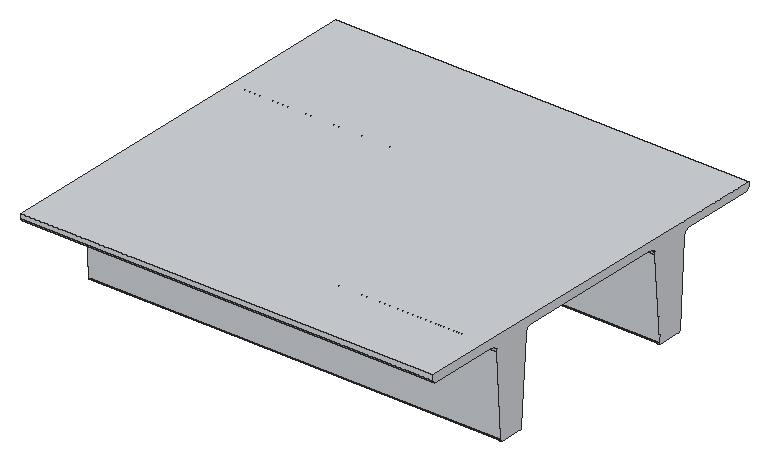
Revit family "TT 60_Precast-Rib deck_Spæncom", category Structural Framing, Revit 2014
Parameters
  Width TT plate [instance] = 2394 mm
  TT plate left (597mm) [instance] = 597 mm
  TT plate right (597mm) [instance] = 597 mm
  TT rib distance = 1200 mm  # constant formula
  Structural Material [instance] = none
  Plate thickness = 50 mm  # constant formula
  Model = "TT60"
  Manufacturer = "Spæncom"
  Length [instance] = 3000 mm
  Height TT = 590 mm  # constant formula
Reference planes
  plane 1 "Center (Front/Back)": y = 0
  plane 2 "Center Elevation": z = 0
  plane 3 "Center (Left/Right)": x = 0
  plane 4 "Left": x = -1500
  plane 5 "Member Left": x = -1250
  plane 6 "Stick Symbol Left": x = -1000
  plane 7 "Right": x = 1500
  plane 8 "Member Right": x = 1250
  plane 9 "Stick Symbol Right": x = 1000
  plane 10: y = 600
  plane 11: y = -600
  plane 12: through (0, 708.511, 502.661) normal (0, -0.9978, 0.0665)
  plane 13: through (0, 524.378, 9.335) normal (0, 0.9978, 0.0665)
  plane 14: through (0, -491.489, 502.661) normal (0, -0.9978, 0.0665)
  plane 15: through (0, -675.622, 9.335) normal (0, 0.9978, 0.0665)
Forms (mm)
  Extrusion 1, solid, material <- "Structural Material"
    sketch origin (-250, 0, 0) x (0, 1, 0) y (0, 0, 1)
      loop
        line (1197, 590) -> (-1197, 590) -> (-1197, 560) -> (-1177, 540) -> (-748.422, 540)
        arc (-748.422, 540) -> (-721.095, 529.21) -> (-708.511, 502.661) r 40
        line (-708.511, 502.661) -> (-675.622, 9.335)
        arc (-675.622, 9.335) -> (-672.476, 2.698) -> (-665.644, 0) r 10
        line (-665.644, 0) -> (-534.356, 0)
        arc (-534.356, 0) -> (-527.524, 2.698) -> (-524.378, 9.335) r 10
        line (-524.378, 9.335) -> (-491.489, 502.661)
        arc (-491.489, 502.661) -> (-478.905, 529.21) -> (-451.578, 540) r 40
        line (-451.578, 540) -> (451.578, 540)
        arc (451.578, 540) -> (478.905, 529.21) -> (491.489, 502.661) r 40
        line (491.489, 502.661) -> (524.378, 9.335)
        arc (524.378, 9.335) -> (527.524, 2.698) -> (534.356, 0) r 10
        line (534.356, 0) -> (665.644, 0)
        arc (665.644, 0) -> (672.476, 2.698) -> (675.622, 9.335) r 10
        line (675.622, 9.335) -> (708.511, 502.661)
        arc (708.511, 502.661) -> (721.095, 529.21) -> (748.422, 540) r 40
        line (748.422, 540) -> (1177, 540) -> (1197, 560) -> (1197, 590)
    from -1000 to 1500
Dimensions and locks
  equal spacing: plane 4 "Left", plane 3 "Center (Left/Right)", plane 7 "Right"
  "Length": plane 4 "Left" to plane 7 "Right"
  "Plate thickness": Extrusion 1 to Extrusion 1
  "Height TT": Extrusion 1 to Extrusion 1
  Extrusion 1 to plane 10 = 597 mm
  plane 11 to Extrusion 1 = 597 mm
  "Width TT plate": Extrusion 1 to Extrusion 1
  plane 12 to plane 13 = 150 mm
  plane 14 to plane 15 = 150 mm
  "TT rib distance": plane 10 to plane 11
  "TT plate left (597mm)": Extrusion 1 sketch curve to plane 10
  "TT plate right (597mm)": plane 11 to Extrusion 1 sketch curve
  radius of Extrusion 1 = 40 mm  (x4)
  aligned and locked: level to plane 2 "Center Elevation"
  aligned and locked: Extrusion 1 to plane 5 "Member Left"
  aligned and locked: Extrusion 1 to plane 8 "Member Right"
  aligned and locked: Extrusion 1 sketch curve to level  (x2)
Automatic sketch dimensions
  Extrusion 1 sketch curve to plane 15 = 0 mm  (x2)
  Extrusion 1 sketch curve to plane 14 = 0 mm  (x2)
  Extrusion 1 sketch curve to plane 13 = 0 mm  (x2)
  Extrusion 1 sketch curve to plane 12 = 0 mm  (x2)
  Extrusion 1 sketch curve to Extrusion 1 sketch curve = 20 mm  (x4)
  Extrusion 1 sketch curve to plane 11 = 148.422 mm
  Extrusion 1 sketch curve to Extrusion 1 sketch curve = 39.911 mm  (x4)
  level to Extrusion 1 sketch curve = 9.335 mm  (x4)
  Extrusion 1 sketch curve to Extrusion 1 sketch curve = 9.978 mm  (x2)
  plane 11 to Extrusion 1 sketch curve = 65.644 mm
  plane 11 to Extrusion 1 sketch curve = 108.511 mm
  Extrusion 1 sketch curve to plane 10 = 148.422 mm
  plane 10 to Extrusion 1 sketch curve = 65.644 mm
  plane 10 to Extrusion 1 sketch curve = 108.511 mm
  Extrusion 1 sketch curve to Extrusion 1 sketch curve = 2.661 mm  (x3)
  Extrusion 1 sketch curve to Extrusion 1 sketch curve = 30 mm
  Extrusion 1 sketch curve to level = 0 mm
